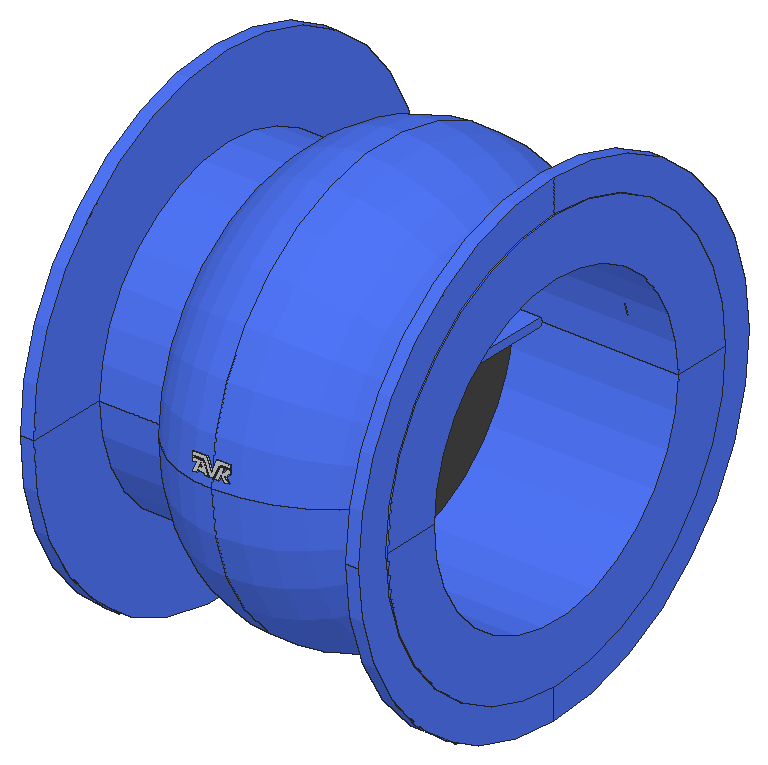
Revit family "903-20-001-DN65-400", category Pipe Accessories, Revit 2019
Family settings
  Round Connector Dimension = Use Diameter
  Part Type = Valve - Breaks Into
  Work Plane-Based = No
  Always vertical = Yes
  Cut with Voids When Loaded = No
  Shared = No
Parameters (values of type "DN400_PN16")
  URL product pages = "https://www.avkvalves.com/P.aspx?no=9030652011000"
  Search_table = "903-20-001-DN65-400"
  L_ref_2 = size_lookup(Search_table, "L_ref_2", 0 mm, DN)  # 50 mm
  L_ref = size_lookup(Search_table, "L_ref", 0 mm, DN)  # 80 mm
  L = size_lookup(Search_table, "L", 0 mm, DN)  # 448 mm
  ID = DN / 2  # 200.05 mm
  Flange_thickness_3 = Flange_thickness * 1.5  # 30 mm
  Flange_thickness_2 = Flange_thickness / 2  # 10 mm
  Flange_thickness = size_lookup(Search_table, "Flange_thickness", 0 mm, DN)  # 20 mm
  Description_ = "AVK SILENT CHECK VALVE"
  DN = 400.1 mm
  D2 = size_lookup(Search_table, "D2", 0 mm, DN) / 2  # 275 mm
  W = size_lookup(Search_table, "W", 0 mm, DN) / 2  # 317.5 mm
  Bodywall_thickness = ID + 10 mm  # 210.05 mm
  903-400-20-11000 = "DN400_PN16"
  903-400-20-01000 = "DN400_PN10"
  903-350-20-11000 = "DN350_PN16"
  903-350-20-01000 = "DN350_PN10"
  903-300-20-11000 = "DN300_PN16"
  903-300-20-01000 = "DN300_PN10"
  903-250-20-11000 = "DN250_PN16"
  903-250-20-01000 = "DN250_PN10"
  903-200-20-11000 = "DN200_PN16"
  903-200-20-01000 = "DN200_PN10"
  903-150-20-11000 = "DN150_PN16"
  903-125-20-11000 = "DN125_PN16"
  903-100-20-11000 = "DN100_PN16"
  903-080-20-11000 = "DN80_PN16"
  903-065-20-11000 = "DN65_PN16"
Types (16, lengths in mm): name | L_ref_2 | L_ref | L | ID | Flange_thickness_3 | Flange_thickness_2 | Flange_thickness | DN | D2 | W | Bodywall_thickness
  (no name) | 50 | 80 | 448 | 200.05 | 30 | 10 | 20 | 400.1 | 275 | 317.5 | 210.05
  DN065_PN16 | 15 | 20 | 140 | 32.5 | 15 | 5 | 10 | 65 | 59 | 92.5 | 42.5
  DN080_PN16 | 20 | 15 | 152 | 40 | 15 | 5 | 10 | 80 | 66 | 100 | 50
  DN100_PN16 | 20 | 20 | 184 | 50 | 15 | 5 | 10 | 100 | 78 | 117.5 | 60
  DN125_PN16 | 25 | 20 | 216 | 62.5 | 15 | 5 | 10 | 125 | 92 | 135 | 72.5
  DN150_PN16 | 35 | 25 | 248 | 75 | 15 | 5 | 10 | 150 | 105.5 | 150 | 85
  DN200_PN10 | 30 | 40 | 317 | 100 | 22.5 | 7.5 | 15 | 200 | 133 | 180 | 110
  DN200_PN16 | 30 | 40 | 317 | 100.05 | 22.5 | 7.5 | 15 | 200.1 | 133 | 180 | 110.05
  DN250_PN10 | 60 | 55 | 394 | 125 | 22.5 | 7.5 | 15 | 250 | 159.5 | 220 | 135
  DN250_PN16 | 60 | 55 | 394 | 125.05 | 22.5 | 7.5 | 15 | 250.1 | 159.5 | 220 | 135.05
  DN300_PN10 | 40 | 60 | 362 | 150 | 30 | 10 | 20 | 300 | 185 | 250 | 160
  DN300_PN16 | 40 | 60 | 362 | 150.05 | 30 | 10 | 20 | 300.1 | 185 | 250 | 160.05
  DN350_PN10 | 50 | 80 | 400 | 175 | 30 | 10 | 20 | 350 | 214.5 | 290 | 185
  DN350_PN16 | 50 | 80 | 400 | 175.05 | 30 | 10 | 20 | 350.1 | 214.5 | 290 | 185.05
  DN400_PN10 | 50 | 80 | 448 | 200 | 30 | 10 | 20 | 400 | 275 | 317.5 | 210
  DN400_PN16 | 50 | 80 | 448 | 200.05 | 30 | 10 | 20 | 400.1 | 275 | 317.5 | 210.05
Reference planes
  plane 1 "Center (Front/Back)": y = 0
  plane 2: z = 0
  plane 3 "Center (Left/Right)": x = 0
  plane 4: y = 210.05
  plane 5: y = 317.5
  plane 6: y = 245.867
  plane 7: x = -75
  plane 8: x = 75
  plane 9: through (0, 0, 0) normal (0, -0.5, -0.866)
  plane 10: through (0, 0, 0) normal (0, -0.5, 0.866)
  plane 11: through (0, 0, 0) normal (0, 0.866, -0.5)
  plane 12: through (0, 0, 0) normal (0, 0.866, 0.5)
  plane 13: x = -224
  plane 14: x = 224
  plane 15: x = -224
  plane 16: x = -224
  plane 17: x = 224
  plane 18: z = 317.5
  plane 19: z = -317.5
  plane 20: z = 275
  plane 21: z = -275
  plane 22: y = 281.683
Forms (mm)
  Revolve 1, solid, material "Plastic"
    sketch origin (0, 0, 0) x (1, 0, 0) y (0, 1, 0)
      loop
        line (-204, 317.5) -> (-224, 317.5) -> (-224, 200.05) -> (224, 200.05) -> (224, 317.5) -> (204, 317.5) -> (204, 210.05) -> (154, 210.05)
        arc (154, 210.05) -> (85.009, 263.085) -> (0, 281.683) r 199.38
        arc (0, 281.683) -> (-71.727, 262.704) -> (-124, 210.05) r 141.553
        line (-124, 210.05) -> (-204, 210.05) -> (-204, 317.5)
      axis (-224, 0) -> (224, 0)
    angle from 0 to 360
  Extrusion 2, solid, material "Plastic"
    sketch origin (0, 0, 0) x (0, 1, 0) y (0, 0, 1)
      loop
        line (200.05, 5) -> (-200.05, 5) -> (-200.05, -5) -> (200.05, -5) -> (200.05, 5)
    from -40 to 45
  Revolve 3, void
    sketch origin (0, 0, 0) x (1, 0, 0) y (0, 0, 1)
      loop
        line (224, 317.5) -> (221, 317.5) -> (221, 275) -> (224, 275) -> (224, 317.5)
      loop
        line (-224, 317.5) -> (-224, 275) -> (-221, 275) -> (-221, 317.5) -> (-224, 317.5)
      axis (-224, 0) -> (224, 0)
    angle from 0 to 360
  Extrusion 4, solid, material "Plastic"
    sketch origin (0, 0, 0) x (0, 1, 0) y (0, 0, 1)
      loop
        circle (0, 0) r 15
    from -40 to 45
  Revolve 5, solid, material "Stainless Steel AISI 304(1)"
    sketch origin (0, 0, 0) x (1, 0, 0) y (0, 0, 1)
      loop
        line (-8.57, 200.05) -> (-8.57, 0) -> (8.57, 0) -> (8.57, 200.05) -> (-8.57, 200.05)
      axis (-8.57, 0) -> (8.57, 0)
    angle from 0 to 360
Cuts and joins
  Revolve 3 cuts Revolve 1
Dimensions and locks
  "Flange_thickness": Revolve 1 sketch curve to Revolve 1 sketch curve  (x2)
  equal spacing: Revolve 1 sketch curve, plane 3 "Center (Left/Right)", Revolve 1 sketch curve
  "ID": plane 1 "Center (Front/Back)" to Revolve 1 sketch curve
  "L": Revolve 1 sketch curve to Revolve 1 sketch curve
  "Bodywall_thickness": plane 1 "Center (Front/Back)" to plane 4
  "L_ref": Revolve 1 sketch curve to Revolve 1 sketch curve
  "L_ref_2": Revolve 1 sketch curve to Revolve 1 sketch curve
  "W": plane 1 "Center (Front/Back)" to plane 5
  equal spacing: plane 14, plane 3 "Center (Left/Right)", plane 13
  "L": plane 14 to plane 13
  "W": Revolve 3 sketch curve to level  (x2)
  "D2": Revolve 3 sketch curve to level  (x2)
  locked: plane 14 to Revolve 3 sketch curve at 3
  locked: Revolve 3 sketch curve to plane 13 at 3
  equal spacing: plane 17, plane 3 "Center (Left/Right)", plane 16
  "L": plane 17 to plane 16
  plane 16 to plane 15 = 0 mm
  equal spacing: plane 18, level, plane 19
  "W": plane 18 to level
  plane 18 to plane 19 = 635 mm
  equal spacing: plane 20, level, plane 21
  "D2": plane 20 to level
  plane 20 to plane 21 = 550 mm
  equal spacing: plane 5, plane 22, plane 6, plane 4
  equal spacing: Extrusion 2 sketch curve, level, Extrusion 2 sketch curve
  equal spacing: Extrusion 2 sketch curve, plane 1 "Center (Front/Back)", Extrusion 2 sketch curve
  "ID": Extrusion 2 sketch curve to plane 1 "Center (Front/Back)"
  "Flange_thickness_2": Extrusion 2 sketch curve to Extrusion 2 sketch curve
  equal spacing: Revolve 5 sketch curve, plane 3 "Center (Left/Right)", Revolve 5 sketch curve
  "ID": Revolve 5 sketch curve to level
  "Flange_thickness_3": diameter of Extrusion 4 sketch curve
  locked: plane 1 "Center (Front/Back)" to plane 9 (angle 120.00°)
  locked: plane 10 to plane 1 "Center (Front/Back)" (angle 120.00°)
  locked: plane 9 to plane 10 (angle 120.00°)
  locked: plane 11 to level (angle 60.00°)
  locked: plane 12 to plane 11 (angle 60.00°)
  locked: level to plane 12 (angle 60.00°)
  aligned and locked: level to plane 2
  aligned and locked: Revolve 1 sketch curve to Revolve 1 sketch curve
  aligned and locked: Revolve 1 sketch curve to plane 4  (x3)
  aligned and locked: Revolve 1 sketch curve to plane 5
  aligned and locked: plane 1 "Center (Front/Back)" to Revolve 1 sketch curve
  aligned and locked: plane 13 to Revolve 1
  aligned and locked: plane 14 to Revolve 1
  aligned and locked: plane 13 to Revolve 3 sketch curve
  aligned and locked: Revolve 3 sketch curve to plane 2
  aligned and locked: plane 16 to cut or joined group of Revolve 1, Revolve 3
  aligned and locked: plane 17 to cut or joined group of Revolve 1, Revolve 3
  aligned and locked: Revolve 3 sketch curve to cut or joined group of Revolve 1, Revolve 3
  aligned and locked: plane 4 to Revolve 1 sketch curve
  aligned and locked: plane 3 "Center (Left/Right)" to Revolve 1 sketch curve
  aligned and locked: plane 22 to Revolve 1 sketch curve
  aligned and locked: Extrusion 4 to Extrusion 2  (x2)
  aligned and locked: level to Revolve 5 sketch curve
  aligned and locked: Revolve 5 sketch curve to plane 2
Automatic sketch dimensions
  Revolve 1 sketch curve to plane 3 "Center (Left/Right)" = 0.919 mm
  plane 3 "Center (Left/Right)" to Revolve 1 sketch curve = 0.919 mm
  Revolve 1 sketch curve to plane 3 "Center (Left/Right)" = 10 mm
  plane 3 "Center (Left/Right)" to Revolve 1 sketch curve = 15 mm
  Revolve 3 sketch curve to plane 3 "Center (Left/Right)" = 10 mm
  plane 3 "Center (Left/Right)" to Revolve 3 sketch curve = 10 mm
  Extrusion 4 sketch curve to level = 0 mm
  Extrusion 4 sketch curve to plane 1 "Center (Front/Back)" = 0 mm
  Revolve 5 sketch curve to plane 3 "Center (Left/Right)" = 8.57 mm
  Revolve 5 sketch curve to Revolve 5 sketch curve = 10 mm
  Revolve 5 sketch curve to Revolve 5 sketch curve = 12.859 mm
Nested families
  nested 1: "LOGO - Copy - Copy" at (0.97, -281.665, 2.2) x (0.9999, 0.0134, 0.0029) z (0.0133, -0.9999, 0.0078), type "LOGO - Copy - Copy"
Connectors
  piping at (224, 0, 0), diameter 400.1, driven by "DN"
    settings: on Revolve 1, index 1, connector inside diameter 609.6 mm, connector length 0 mm, flow factor 0, pipe flow 0.0 L/s, pressure drop 0.0 Pa, fitting loss kfactor 0, connector angle 0.00°, fixture units 0, engagement length 0 mm, angle of deflection 0.00°, flow configuration 0, flow direction 0, fitting loss method 0, system type 7, joint type 0, gender type 0, connector reference index -1, connector utility 0, adjustable connector no, is connector primary yes, connector description ""
  piping at (-224, 0, 0), diameter 400.1, driven by "DN"
    settings: on Revolve 1, index 2, connector inside diameter 609.6 mm, connector length 0 mm, flow factor 0, pipe flow 0.0 L/s, pressure drop 0.0 Pa, fitting loss kfactor 0, connector angle 0.00°, fixture units 0, engagement length 0 mm, angle of deflection 0.00°, flow configuration 0, flow direction 0, fitting loss method 0, system type 7, joint type 0, gender type 0, connector reference index -1, connector utility 0, adjustable connector no, is connector primary no, connector description ""
Definition of nested family "LOGO - Copy - Copy"
  Parameters (values of type "LOGO - Copy - Copy")
    Default Elevation = 1219.2 mm
  Reference planes
    plane 1 "Center (Front/Back)": y = 0
    plane 2: z = 0
    plane 3 "Center (Left/Right)": x = 0
  Forms (mm)
    Extrusion 1, solid
      sketch origin (0, 0, 0) x (1, 0, 0) y (0, 1, 0)
        loop
          line (-1219.2, 1219.2) -> (-1219.2, -1219.2) -> (1219.2, -1219.2) -> (1219.2, 1219.2) -> (-1219.2, 1219.2)
      from 0 to -304.8
    Extrusion 2, solid
      sketch origin (0, 0, 0) x (1, 0, 0) y (0, 1, 0)
        loop
          line (-6.514, 34.224) -> (-24, 34.224) -> (-24, 29.481) -> (-9.766, 29.481) -> (-2.391, 11.367) -> (2.391, 11.367) -> (9.766, 29.481) -> (24, 29.481) -> (24, 34.224) -> (6.514, 34.224) -> (0, 18.224) -> (-6.514, 34.224)
        loop
          line (-10.996, 27.653) -> (-24, 27.653) -> (-24, 23.081) -> (-19.503, 23.081) -> (-24, 11.367) -> (-18.92, 11.367) -> (-17.955, 13.881) -> (-10.51, 13.881) -> (-9.486, 11.367) -> (-4.365, 11.367) -> (-10.996, 27.653)
        loop
          line (-16.777, 18.224) -> (-12.278, 18.224) -> (-14.594, 23.912) -> (-16.777, 18.224)
        loop
          line (4.365, 11.367) -> (9.486, 11.367) -> (12.093, 17.77) -> (16.918, 11.367) -> (22.857, 11.367) -> (17.399, 18.61)
          arc (17.399, 18.61) -> (20.583, 20.18) -> (22.629, 23.081) r 7.2
          line (22.629, 23.081) -> (24, 23.081) -> (24, 27.653) -> (19.429, 27.653)
          arc (19.429, 27.653) -> (17.763, 23.526) -> (13.699, 21.714) r 5.943
          line (13.699, 21.714) -> (16.117, 27.653) -> (10.996, 27.653) -> (4.365, 11.367)
      from 0 to 1
  Dimensions and locks
    aligned and locked: plane 2 to Extrusion 1
    aligned and locked: level to Extrusion 1
    aligned and locked: Extrusion 2 sketch curve to import instance
